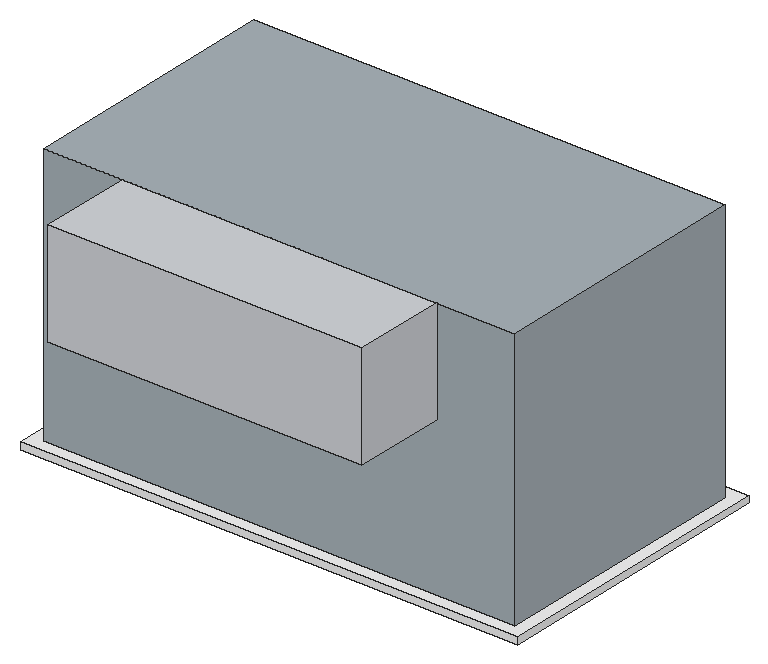
Revit family "QCF200", category Mechanical Equipment, Revit 2016
Family settings
  Part Type = Normal
  Round Connector Dimension = Use Diameter
  OmniClass Number = 23.75.70.21.24.11
  OmniClass Title = Constant Volume Air Terminal Units
  Work Plane-Based = Yes
  Always vertical = Yes
  Cut with Voids When Loaded = No
  Shared = No
  Room Calculation Point = No
Parameters (values of type "QCF200")
  CFM@0.10" S.P. [instance] = 204 CFM
  Frequency [instance] = 60 Hz
  Watt [instance] = 91.2 W
  Volts_AC [instance] = 120 VA
  Default Elevation = 6' - 0"
  CFM = "SP 0/CFM 230 - SP 0.10/CFM 204 - SP 0.30/CFM 152"
  A [instance] = 1' - 6"
  E [instance] = 0' - 4"
  URL = "http://www.reversomatic.com/product/qcf-200/"
  RPM [instance] = 38.228 m³
  D [instance] = 1' - 0"
  Model = "QCF200"
  Manufacturer = "REVERSOMATIC"
  C [instance] = 0' - 10"
  B [instance] = 0' - 10"
  Description = "CEILING OR IN-LINE TWIN BLOWER FANS"
  F [instance] = 0' - 11"
  G [instance] = 1' - 7"
  Amps [instance] = 0.76 A
Reference planes (in)
  plane 1 "Center (Front/Back)": y = 0
  plane 2: z = 0
  plane 3 "Center (Left/Right)": x = 0
  plane 4: z = 10
  plane 5: y = 5
  plane 6: y = -5
  plane 7: x = 9
  plane 8: x = -9
  plane 9: y = 5.5
  plane 10: x = 9.5
  plane 11: y = -5.5
  plane 12: x = -9.5
  plane 13: x = -6
  plane 14: x = 6
  plane 15: z = 4
Forms (in)
  Extrusion 1, solid, material "Default New Material"
    sketch origin (0, 0, 0) x (1, 0, 0) y (0, 1, 0)
      loop
        line (-9, 5) -> (-9, -5) -> (9, -5) -> (9, 5) -> (-9, 5)
    from 0 to 10
  Extrusion 2, solid, material "Default"
    sketch origin (0, 0, 0) x (0, 1, 0) y (1, 0, 0)
      loop
        line (-5.5, 9.5) -> (-5.5, -9.5) -> (5.5, -9.5) -> (5.5, 9.5) -> (-5.5, 9.5)
    from 0 to 0.24475
  Extrusion 3, solid
    sketch origin (9, -5, 6) x (-1, 0, 0) y (0, 0, -1)
      loop
        line (15, 0) -> (3, 0) -> (3, -4) -> (15, -4) -> (15, 0)
    from 0 to 3.55197
Lines and regions (in)
  model lines, not visible
    curve 1: line (-9.88226, 2.47827, 0.12972) -> (-9.88226, -5.27173, 0.12972)
    curve 2: line (-9.39339, 1.7977, 0.08881) -> (-9.39339, -4.7023, 0.08881)
    curve 3: line (-8.82749, 1.22023, 0.04145) -> (-8.82749, -4.02977, 0.04145)
    curve 4: line (-8.31817, 0.7005, -0.00117) -> (-8.31817, -3.5495, -0.00117)
Dimensions and locks (in)
  "C": plane 4 to level
  equal spacing: plane 8, plane 3 "Center (Left/Right)", plane 7
  "A": plane 8 to plane 7
  equal spacing: plane 5, plane 1 "Center (Front/Back)", plane 6
  "B": plane 5 to plane 6
  equal spacing: plane 12, plane 3 "Center (Left/Right)", plane 10
  "G": plane 12 to plane 10
  equal spacing: plane 9, plane 1 "Center (Front/Back)", plane 11
  "F": plane 9 to plane 11
  equal spacing: plane 13, plane 3 "Center (Left/Right)", plane 14
  "D": plane 13 to plane 14
  "E": plane 15 to level
  connector elem to plane 13 = 0' - 6"
  aligned and locked: plane 2 to level
  aligned and locked: plane 4 to Extrusion 1
  aligned and locked: Extrusion 1 to plane 7
  aligned and locked: plane 5 to Extrusion 1
  aligned and locked: plane 8 to Extrusion 1
  aligned and locked: Extrusion 1 to plane 6
  aligned and locked: plane 9 to Extrusion 2
  aligned and locked: plane 10 to Extrusion 2
  aligned and locked: plane 11 to Extrusion 2
  aligned and locked: plane 12 to Extrusion 2
  aligned and locked: Extrusion 3 to plane 13
  aligned and locked: plane 14 to Extrusion 3
Automatic sketch dimensions
  Extrusion 1 sketch curve to plane 3 "Center (Left/Right)" = 0' - 9"
  plane 3 "Center (Left/Right)" to Extrusion 1 sketch curve = 0' - 9"
  plane 1 "Center (Front/Back)" to Extrusion 1 sketch curve = 0' - 5"
  Extrusion 1 sketch curve to plane 1 "Center (Front/Back)" = 0' - 5"
  plane 1 "Center (Front/Back)" to Extrusion 2 sketch curve = 0' - 5 1/2"
  Extrusion 2 sketch curve to plane 1 "Center (Front/Back)" = 0' - 5 1/2"
  plane 3 "Center (Left/Right)" to Extrusion 2 sketch curve = 0' - 9 1/2"
  Extrusion 2 sketch curve to plane 3 "Center (Left/Right)" = 0' - 9 1/2"
  Extrusion 3 sketch curve to Extrusion 1 = 0' - 3"
  Extrusion 1 to Extrusion 3 sketch curve = 0' - 3"
  Extrusion 1 to Extrusion 3 sketch curve = 0' - 10"
  Extrusion 1 to Extrusion 3 sketch curve = 0' - 4"
Connectors (in)
  hvac at (0, -8.55197, 8), driven by "E", driven by "D"
    settings: on Extrusion 3, index 1, duct flow 0 CFM, flow factor 0, pres drop 0.00 in-wg, loss coef 0, conn angle 0.00°, conn width 12", conn height 4", conn diameter 24", duct sys type 1, conn prof type 1, flow config 0, flow direction 0, loss method 0, conn ref index -1, conn util no, is conn primary yes, conn desc ""
